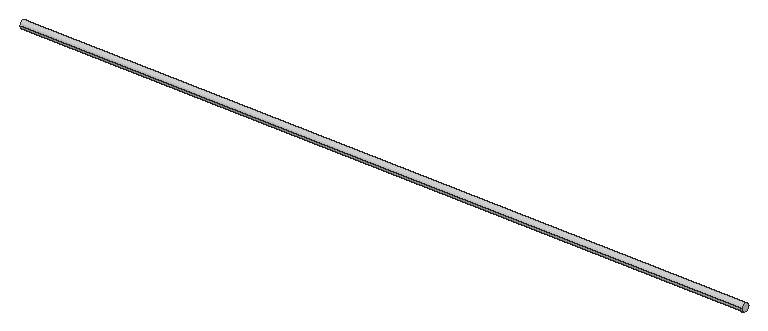
Revit family "TUBE 48-5_2125251", category Generic Models, Revit 2018
Family settings
  Can host rebar = No
  Round Connector Dimension = Use Diameter
  Part Type = Normal
  OmniClass Number = 35.51.17.00
  OmniClass Title = SCAFFOLDING SHORING AND FENCING
  Work Plane-Based = Yes
  Always vertical = No
  Cut with Voids When Loaded = No
  Shared = Yes
  Room Calculation Point = No
Parameters
  VERSION = "20190101"  # constant formula
  URL = "www.ulmaconstruction.com/en"
  UNICLASS = ""
  Model = ""
  ITEM_CODE = "2125251"
  Manufacturer = "ULMA CONSTRUCTION"  # constant formula
  FILTER [instance] = ""
  Default Elevation = 0 mm
  CLASSIFICATION_TITLE = ""
  CLASSIFICATION_NUMBER = ""
Reference planes
  plane 1 "Centro (Frontal/Posterior)": y = 0
  plane 2: z = 0
  plane 3 "Centro (Izquierda/Derecha)": x = 0
  plane 4 "ITEM_LENGTH": x = 5000
Forms (mm)
  Extrusion 1, solid, material "ULMA ZINC", detail levels fine
    sketch origin (0, 0, 0) x (0, 1, 0) y (0, 0, 1)
      loop
        circle (0, 0) r 24.15
    from 0 to 5000
Lines and regions (mm)
  model lines, style "ULMA FIXING ITEMS", detail levels fine
    curve 1: circle (0, 0, 0) r 21 normal (1, 0, 0)
    curve 3: circle (5000, 0, 0) r 21 normal (1, 0, 0)
  model lines, style "ULMA FIXING ITEMS", detail levels coarse+medium
    curve 2: line (0, 0, 0) -> (5000, 0, 0)
Dimensions and locks
  locked: plane 3 "Centro (Izquierda/Derecha)" to plane 4 "ITEM_LENGTH" at 5000
  aligned and locked: level to plane 2
  aligned and locked: Extrusion 1 to plane 3 "Centro (Izquierda/Derecha)"
  aligned and locked: plane 4 "ITEM_LENGTH" to Extrusion 1
  aligned and locked: plane 4 "ITEM_LENGTH" to curve 2
